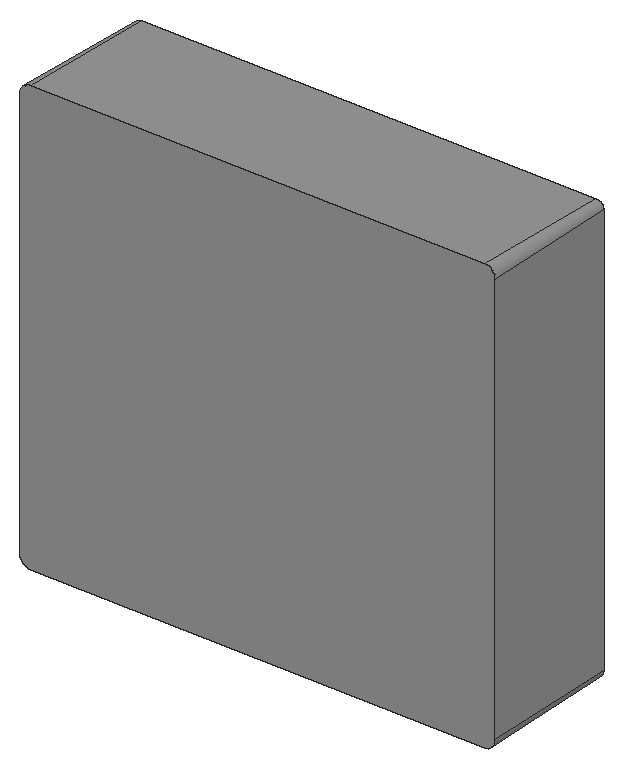
Revit family "L&L_LUCE&LIGHT_PASITO_1.2", category Lighting Fixtures, host Wall, Revit 2018 (continued)
Types (2, lengths in mm): name | Photometric Web File | built-in parameter 1150142
    .27 110.03 111.68 113.35 115.11 \r\n116.41 117.16 118.12 119.49 120.94 122.13 122.89 123.44 \r\n123.95 124.62 125.61 127.01 128.50 129.65 130.58 131.54 \r\n132.55 133.58 134.71 135.72 136.32 136.69 137.19 137.81 \r\n138.39 138.98 140.13 141.78 142.30 139.51 131.53 118.24 \r\n101.34 82.63 64.03 47.27 34.35 25.90 21.42 20.62 20.36 \r\n20.12 20.07 20.05 20.03 20.01 20.00 20.00 20.00 20.00 \r\n19.99 19.99 19.98 19.98 19.98 19.98 20.00 20.02 20.05 \r\n20.08 20.10 20.11 20.11 20.09 20.06 20.03 20.00 19.98 \r\n19.99 19.99 19.93 19.78 19.57 19.35 19.12 18.89 18.64 \r\n18.40 18.16 17.90 17.62 17.32 17.02 16.74 16.45 16.13 \r\n15.78 15.41 15.09 14.74 14.36 14.00 13.65 13.28 12.90 \r\n12.48 12.11 11.74 11.33 10.92 10.51 10.12 9.70 9.23 8.85 \r\n8.45 8.04 7.60 7.17 6.78 6.42 6.05 5.65 5.25 4.90 4.56 \r\n4.19 3.83 3.52 3.21 2.93 2.66 2.40 2.14 1.89 1.66 1.44 \r\n1.20 0.98 0.79 0.60 0.42 0.24 0.10 0.02 \r\n0.14 0.14 0.52 1.33 2.11 2.45 2.62 2.93 3.43 3.93 4.53 \r\n5.22 6.00 6.88 7.85 9.10 17.82 44.20 63.77 68.19 71.80 \r\n75.07 78.01 79.40 79.84 80.08 80.36 81.84 84.73 87.56 \r\n90.60 93.62 96.18 98.48 100.36 101.89 102.94 103.25 \r\n102.93 102.77 103.75 105.00 106.19 107.42 108.50 109.24 \r\n109.96 110.68 111.41 112.23 112.98 113.69 114.54 115.37 \r\n116.14 117.07 118.11 119.10 120.01 120.81 121.39 121.86 \r\n122.38 122.94 123.38 123.66 123.95 124.37 124.95 125.54 \r\n126.01 126.47 127.07 127.04 124.61 117.95 107.08 93.31 \r\n78.16 62.32 46.84 33.54 24.35 21.57 20.69 19.99 20.02 \r\n19.97 19.95 19.95 19.96 19.97 19.98 20.00 20.01 20.03 \r\n20.05 20.06 20.07 20.08 20.10 20.14 20.18 20.22 20.26 \r\n20.29 20.31 20.31 20.29 20.27 20.26 20.25 20.24 20.22 \r\n20.21 20.21 20.22 20.18 20.02 19.81 19.59 19.37 19.13 \r\n18.89 18.62 18.38 18.13 17.84 17.55 17.24 16.93 16.65 \r\n16.32 15.98 15.63 15.23 14.92 14.52 14.14 13.78 13.40 \r\n13.05 12.60 12.20 11.83 11.42 11.01 10.63 10.18 9.74 9.32 \r\n8.89 8.42 8.04 7.62 7.17 6.73 6.33 5.97 5.58 5.18 4.83 \r\n4.50 4.12 3.75 3.43 3.12 2.83 2.56 2.28 2.00 1.75 1.51 \r\n1.26 1.03 0.83 0.63 0.44 0.25 0.10 0.02 \r\n0.14 0.14 0.57 1.42 2.18 2.50 2.67 3.06 3.58 4.12 4.79 \r\n5.53 6.37 7.33 8.54 12.90 35.57 60.16 65.98 69.25 72.06 \r\n74.67 75.83 75.91 75.99 75.83 77.19 80.05 82.80 85.76 \r\n88.56 91.09 93.33 94.79 96.37 97.56 97.71 97.53 97.86 \r\n99.07 100.39 101.54 102.43 103.01 103.52 103.98 104.40 \r\n104.82 105.20 105.38 105.46 105.94 106.69 107.59 108.59 \r\n109.56 110.36 111.11 111.90 112.53 113.08 113.66 114.07 \r\n114.31 114.71 115.28 115.78 116.02 116.18 116.61 116.91 \r\n116.85 116.70 115.25 111.63 102.43 90.03 76.51 62.39 \r\n48.13 34.93 25.11 21.66 20.43 19.83 19.77 19.71 19.73 \r\n19.77 19.80 19.82 19.85 19.88 19.91 19.94 19.97 20.01 \r\n20.04 20.06 20.09 20.13 20.18 20.23 20.27 20.30 20.30 \r\n20.31 20.32 20.33 20.34 20.34 20.35 20.35 20.34 20.32 \r\n20.31 20.31 20.32 20.28 20.11 19.88 19.66 19.45 19.22 \r\n18.98 18.73 18.43 18.17 17.88 17.58 17.31 16.96 16.67 \r\n16.35 15.97 15.65 15.26 14.91 14.52 14.12 13.79 13.37 \r\n13.00 12.59 12.19 11.76 11.37 10.97 10.51 10.12 9.67 9.18 \r\n8.79 8.35 7.89 7.46 7.07 6.64 6.20 5.83 5.45 5.06 4.72 \r\n4.37 3.98 3.61 3.28 2.97 2.68 2.39 2.10 1.82 1.57 1.32 \r\n1.07 0.86 0.66 0.47 0.27 0.11 0.02 \r\n0.14 0.14 0.60 1.50 2.24 2.52 2.72 3.17 3.69 4.28 4.99 \r\n5.79 6.67 7.81 9.60 20.34 52.87 63.70 67.21 69.84 72.30 \r\n73.70 73.55 73.27 72.65 73.14 75.57 77.94 80.48 82.94 \r\n85.22 87.30 88.31 89.82 90.91 90.99 90.61 90.82 92.00 \r\n93.29 94.50 95.50 96.14 96.66 97.22 97.78 98.15 98.48 \r\n98.55 98.38 98.58 99.03 99.65 100.36 101.16 101.92 102.67 \r\n103.41 103.92 104.39 104.69 104.65 104.56 104.89 105.38 \r\n105.93 106.27 106.34 106.50 106.92 106.96 106.93 106.88 \r\n105.34 99.48 89.13 77.25 64.88 51.52 38.69 28.09 21.67 \r\n20.06 19.46 19.40 19.39 19.42 19.46 19.51 19.55 19.60 \r\n19.65 19.69 19.73 19.77 19.81 19.85 19.88 19.92 19.97 \r\n20.03 20.08 20.11 20.13 20.16 20.18 20.21 20.23 20.26 \r\n20.28 20.29 20.30 20.30 20.31 20.30 20.29 20.29 20.29 \r\n20.30 20.24 20.04 19.79 19.58 19.37 19.12 18.90 18.65 \r\n18.35 18.09 17.78 17.45 17.20 16.84 16.54 16.22 15.82 \r\n15.53 15.14 14.73 14.40 13.96 13.62 13.19 12.83 12.38 \r\n11.97 11.60 11.14 10.76 10.33 9.86 9.51 8.99 8.57 8.20 \r\n7.71 7.26 6.91 6.49 6.05 5.66 5.26 4.88 4.55 4.16 3.77 \r\n3.40 3.07 2.76 2.47 2.17 1.87 1.61 1.36 1.10 0.89 0.68 \r\n0.48 0.28 0.11 0.02 \r\n0.14 0.14 0.62 1.55 2.29 2.53 2.76 3.25 3.78 4.42 5.14 \r\n5.99 6.88 8.25 11.26 31.71 58.17 64.40 67.47 69.83 71.89 \r\n72.23 71.64 71.07 70.48 72.04 74.27 76.42 78.56 80.51 \r\n82.21 82.95 83.77 84.89 84.91 84.07 83.83 84.36 85.13 \r\n86.09 86.89 87.36 87.70 88.08 88.54 88.89 89.08 89.04 \r\n88.81 88.85 89.14 89.63 90.26 90.93 91.51 92.15 92.80 \r\n93.28 93.66 93.74 93.54 93.66 94.15 94.49 94.94 95.48 \r\n95.51 95.68 96.04 96.41 96.79 96.86 96.78 94.78 87.72 \r\n77.83 67.43 55.98 44.23 33.02 23.93 20.13 19.36 19.01 \r\n18.99 19.02 19.07 19.12 19.18 19.23 19.29 19.34 19.39 \r\n19.43 19.47 19.52 19.57 19.62 19.68 19.73 19.78 19.81 \r\n19.84 19.88 19.92 19.95 19.99 20.02 20.05 20.07 20.09 \r\n20.11 20.13 20.13 20.13 20.12 20.13 20.13 20.14 20.14 \r\n20.03 19.80 19.55 19.36 19.13 18.86 18.65 18.38 18.07 \r\n17.82 17.49 17.19 16.92 16.55 16.27 15.92 15.54 15.25 \r\n14.80 14.46 14.06 13.66 13.30 12.87 12.52 12.08 11.70 \r\n11.32 10.92 10.48 10.14 9.62 9.31 8.76 8.36 8.00 7.48 \r\n7.05 6.69 6.25 5.83 5.41 5.00 4.65 4.27 3.86 3.49 3.14 \r\n2.82 2.52 2.22 1.91 1.64 1.39 1.12 0.91 0.69 0.50 0.29 \r\n0.11 0.02 \r\n0.14 0.14 0.63 1.58 2.32 2.53 2.78 3.31 3.84 4.50 5.23 \r\n6.13 7.07 8.44 12.63 38.02 58.53 64.11 66.58 68.99 70.59 \r\n70.45 69.85 69.05 69.06 70.89 73.06 75.04 76.95 78.51 \r\n79.35 79.68 80.29 80.73 79.86 78.70 78.38 78.46 78.82 \r\n79.27 79.42 79.32 79.24 79.24 79.31 79.21 79.06 78.60 \r\n78.14 77.99 78.14 78.35 78.66 79.02 79.25 79.56 79.80 \r\n80.06 80.29 80.40 80.58 80.91 81.30 81.64 82.11 82.67 \r\n83.12 83.68 84.13 84.51 84.72 84.68 84.37 82.18 75.36 \r\n66.37 57.43 47.48 37.21 28.33 21.34 19.11 18.57 18.47 \r\n18.49 18.54 18.59 18.65 18.71 18.77 18.83 18.89 18.94 \r\n18.99 19.04 19.10 19.17 19.23 19.30 19.34 19.37 19.41 \r\n19.46 19.51 19.55 19.59 19.63 19.67 19.70 19.73 19.76 \r\n19.78 19.80 19.81 19.82 19.82 19.83 19.83 19.84 19.86 \r\n19.82 19.62 19.38 19.17 18.98 18.73 18.49 18.27 17.99 \r\n17.73 17.47 17.10 16.86 16.53 16.21 15.93 15.52 15.24 \r\n14.88 14.48 14.18 13.75 13.42 13.00 12.66 12.26 11.84 \r\n11.46 11.09 10.66 10.27 9.85 9.39 8.99 8.49 8.10 7.66 \r\n7.16 6.76 6.36 5.93 5.50 5.07 4.69 4.32 3.90 3.53 3.19 \r\n2.86 2.54 2.25 1.93 1.66 1.41 1.14 0.92 0.70 0.51 0.30 \r\n0.11 0.02 \r\n0.14 0.14 0.63 1.59 2.35 2.53 2.79 3.33 3.86 4.53 5.26 \r\n6.18 7.15 8.47 12.07 39.14 57.94 62.84 64.97 67.41 68.81 \r\n68.58 67.98 67.22 67.37 69.32 71.35 73.28 74.96 76.46 \r\n77.22 77.40 77.87 77.74 76.50 75.24 74.75 74.53 74.60 \r\n74.75 74.46 73.94 73.47 73.08 72.60 72.01 71.31 70.35 \r\n69.48 68.88 68.53 68.32 68.15 67.94 67.76 67.62 67.47 \r\n67.40 67.25 67.14 67.19 67.32 67.52 67.80 68.09 68.43 \r\n68.83 69.30 69.82 70.39 71.01 71.37 71.54 69.92 64.00 \r\n56.80 49.29 41.06 32.70 25.91 20.44 18.64 18.23 18.15 \r\n18.18 18.22 18.27 18.32 18.38 18.45 18.51 18.59 18.66 \r\n18.72 18.79 18.86 18.94 19.01 19.08 19.12 19.15 19.20 \r\n19.26 19.31 19.36 19.41 19.46 19.51 19.55 19.59 19.63 \r\n19.67 19.69 19.72 19.73 19.73 19.75 19.76 19.77 19.80 \r\n19.79 19.66 19.42 19.20 19.02 18.78 18.52 18.32 18.06 \r\n17.78 17.54 17.20 16.93 16.66 16.29 16.04 15.67 15.32 \r\n15.04 14.60 14.28 13.88 13.51 13.14 12.73 12.38 11.91 \r\n11.57 11.13 10.76 10.31 9.91 9.46 8.99 8.57 8.10 7.68 \r\n7.21 6.77 6.37 5.96 5.54 5.10 4.70 4.33 3.91 3.54 3.21 \r\n2.87 2.55 2.27 1.95 1.67 1.42 1.14 0.93 0.70 0.51 0.30 \r\n0.12 0.02 \r\n0.14 0.13 0.62 1.58 2.35 2.53 2.78 3.32 3.84 4.51 5.23 \r\n6.17 7.10 8.41 10.37 35.75 56.44 60.94 62.89 65.33 66.85 \r\n66.79 66.16 65.49 65.33 67.22 69.19 71.08 72.51 74.14 \r\n75.03 75.04 75.59 75.72 74.73 73.34 72.86 72.52 72.37 \r\n72.53 72.15 71.47 70.92 70.58 70.03 69.29 68.37 67.39 \r\n66.39 65.70 65.00 64.60 64.30 63.93 63.47 63.22 62.93 \r\n62.68 62.34 62.01 61.94 61.93 61.89 61.96 62.21 62.62 \r\n63.05 63.65 64.14 64.42 64.94 65.63 65.98 65.71 60.56 \r\n53.84 47.78 40.55 34.00 26.90 21.57 19.01 18.44 18.31 \r\n18.32 18.37 18.42 18.47 18.53 18.60 18.54 18.77 18.83 \r\n18.89 18.95 19.01 19.09 19.17 19.22 19.25 19.28 19.34 \r\n19.39 19.45 19.50 19.55 19.60 19.65 19.69 19.73 19.77 \r\n19.81 19.83 19.86 19.87 19.87 19.89 19.90 19.92 19.94 \r\n19.94 19.75 19.53 19.30 19.12 18.84 18.63 18.42 18.09 \r\n17.87 17.62 17.23 17.01 16.68 16.34 16.08 15.64 15.37 \r\n15.04 14.59 14.34 13.85 13.55 13.11 12.75 12.34 11.90 \r\n11.59 11.14 10.74 10.33 9.86 9.49 8.94 8.58 8.10 7.66 \r\n7.22 6.78 6.35 5.96 5.55 5.10 4.70 4.33 3.90 3.53 3.21 \r\n2.88 2.55 2.27 1.95 1.67 1.42 1.14 0.93 0.71 0.51 0.30 \r\n0.12 0.02 \r\n0.14 0.14 0.63 1.59 2.35 2.53 2.79 3.33 3.86 4.53 5.26 \r\n6.18 7.15 8.47 12.07 39.14 57.94 62.84 64.97 67.41 68.81 \r\n68.58 67.98 67.22 67.37 69.32 71.35 73.28 74.96 76.46 \r\n77.22 77.40 77.87 77.74 76.50 75.24 74.75 74.53 74.60 \r\n74.75 74.46 73.94 73.47 73.08 72.60 72.01 71.31 70.35 \r\n69.48 68.88 68.53 68.32 68.15 67.94 67.76 67.62 67.47 \r\n67.40 67.25 67.14 67.19 67.32 67.52 67.80 68.09 68.43 \r\n68.83 69.30 69.82 70.39 71.01 71.37 71.54 69.92 64.00 \r\n56.80 49.29 41.06 32.70 25.91 20.44 18.64 18.23 18.15 \r\n18.18 18.22 18.27 18.32 18.38 18.45 18.51 18.59 18.66 \r\n18.72 18.79 18.86 18.94 19.01 19.08 19.12 19.15 19.20 \r\n19.26 19.31 19.36 19.41 19.46 19.51 19.55 19.59 19.63 \r\n19.67 19.69 19.72 19.73 19.73 19.75 19.76 19.77 19.80 \r\n19.79 19.66 19.42 19.20 19.02 18.78 18.52 18.32 18.06 \r\n17.78 17.54 17.20 16.93 16.66 16.29 16.04 15.67 15.32 \r\n15.04 14.60 14.28 13.88 13.51 13.14 12.73 12.38 11.91 \r\n11.57 11.13 10.76 10.31 9.91 9.46 8.99 8.57 8.10 7.68 \r\n7.21 6.77 6.37 5.96 5.54 5.10 4.70 4.33 3.91 3.54 3.21 \r\n2.87 2.55 2.27 1.95 1.67 1.42 1.14 0.93 0.70 0.51 0.30 \r\n0.12 0.02 \r\n0.14 0.14 0.63 1.58 2.32 2.53 2.78 3.31 3.84 4.50 5.23 \r\n6.13 7.07 8.44 12.63 38.02 58.53 64.11 66.58 68.99 70.59 \r\n70.45 69.85 69.05 69.06 70.89 73.06 75.04 76.95 78.51 \r\n79.35 79.68 80.29 80.73 79.86 78.70 78.38 78.46 78.82 \r\n79.27 79.42 79.32 79.24 79.24 79.31 79.21 79.06 78.60 \r\n78.14 77.99 78.14 78.35 78.66 79.02 79.25 79.56 79.80 \r\n80.06 80.29 80.40 80.58 80.91 81.30 81.64 82.11 82.67 \r\n83.12 83.68 84.13 84.51 84.72 84.68 84.37 82.18 75.36 \r\n66.37 57.43 47.48 37.21 28.33 21.34 19.11 18.57 18.47 \r\n18.49 18.54 18.59 18.65 18.71 18.77 18.83 18.89 18.94 \r\n18.99 19.04 19.10 19.17 19.23 19.30 19.34 19.37 19.41 \r\n19.46 19.51 19.55 19.59 19.63 19.67 19.70 19.73 19.76 \r\n19.78 19.80 19.81 19.82 19.82 19.83 19.83 19.84 19.86 \r\n19.82 19.62 19.38 19.17 18.98 18.73 18.49 18.27 17.99 \r\n17.73 17.47 17.10 16.86 16.53 16.21 15.93 15.52 15.24 \r\n14.88 14.48 14.18 13.75 13.42 13.00 12.66 12.26 11.84 \r\n11.46 11.09 10.66 10.27 9.85 9.39 8.99 8.49 8.10 7.66 \r\n7.16 6.76 6.36 5.93 5.50 5.07 4.69 4.32 3.90 3.53 3.19 \r\n2.86 2.54 2.25 1.93 1.66 1.41 1.14 0.92 0.70 0.51 0.30 \r\n0.11 0.02 \r\n0.14 0.14 0.62 1.55 2.29 2.53 2.76 3.25 3.78 4.42 5.14 \r\n5.99 6.88 8.25 11.26 31.71 58.17 64.40 67.47 69.83 71.89 \r\n72.23 71.64 71.07 70.48 72.04 74.27 76.42 78.56 80.51 \r\n82.21 82.95 83.77 84.89 84.91 84.07 83.83 84.36 85.13 \r\n86.09 86.89 87.36 87.70 88.08 88.54 88.89 89.08 89.04 \r\n88.81 88.85 89.14 89.63 90.26 90.93 91.51 92.15 92.80 \r\n93.28 93.66 93.74 93.54 93.66 94.15 94.49 94.94 95.48 \r\n95.51 95.68 96.04 96.41 96.79 96.86 96.78 94.78 87.72 \r\n77.83 67.43 55.98 44.23 33.02 23.93 20.13 19.36 19.01 \r\n18.99 19.02 19.07 19.12 19.18 19.23 19.29 19.34 19.39 \r\n19.43 19.47 19.52 19.57 19.62 19.68 19.73 19.78 19.81 \r\n19.84 19.88 19.92 19.95 19.99 20.02 20.05 20.07 20.09 \r\n20.11 20.13 20.13 20.13 20.12 20.13 20.13 20.14 20.14 \r\n20.03 19.80 19.55 19.36 19.13 18.86 18.65 18.38 18.07 \r\n17.82 17.49 17.19 16.92 16.55 16.27 15.92 15.54 15.25 \r\n14.80 14.46 14.06 13.66 13.30 12.87 12.52 12.08 11.70 \r\n11.32 10.92 10.48 10.14 9.62 9.31 8.76 8.36 8.00 7.48 \r\n7.05 6.69 6.25 5.83 5.41 5.00 4.65 4.27 3.86 3.49 3.14 \r\n2.82 2.52 2.22 1.91 1.64 1.39 1.12 0.91 0.69 0.50 0.29 \r\n0.11 0.02 \r\n0.14 0.14 0.60 1.50 2.24 2.52 2.72 3.17 3.69 4.28 4.99 \r\n5.79 6.67 7.81 9.60 20.34 52.87 63.70 67.21 69.84 72.30 \r\n73.70 73.55 73.27 72.65 73.14 75.57 77.94 80.48 82.94 \r\n85.22 87.30 88.31 89.82 90.91 90.99 90.61 90.82 92.00 \r\n93.29 94.50 95.50 96.14 96.66 97.22 97.78 98.15 98.48 \r\n98.55 98.38 98.58 99.03 99.65 100.36 101.16 101.92 102.67 \r\n103.41 103.92 104.39 104.69 104.65 104.56 104.89 105.38 \r\n105.93 106.27 106.34 106.50 106.92 106.96 106.93 106.88 \r\n105.34 99.48 89.13 77.25 64.88 51.52 38.69 28.09 21.67 \r\n20.06 19.46 19.40 19.39 19.42 19.46 19.51 19.55 19.60 \r\n19.65 19.69 19.73 19.77 19.81 19.85 19.88 19.92 19.97 \r\n20.03 20.08 20.11 20.13 20.16 20.18 20.21 20.23 20.26 \r\n20.28 20.29 20.30 20.30 20.31 20.30 20.29 20.29 20.29 \r\n20.30 20.24 20.04 19.79 19.58 19.37 19.12 18.90 18.65 \r\n18.35 18.09 17.78 17.45 17.20 16.84 16.54 16.22 15.82 \r\n15.53 15.14 14.73 14.40 13.96 13.62 13.19 12.83 12.38 \r\n11.97 11.60 11.14 10.76 10.33 9.86 9.51 8.99 8.57 8.20 \r\n7.71 7.26 6.91 6.49 6.05 5.66 5.26 4.88 4.55 4.16 3.77 \r\n3.40 3.07 2.76 2.47 2.17 1.87 1.61 1.36 1.10 0.89 0.68 \r\n0.48 0.28 0.11 0.02 \r\n0.14 0.14 0.57 1.42 2.18 2.50 2.67 3.06 3.58 4.12 4.79 \r\n5.53 6.37 7.33 8.54 12.90 35.57 60.16 65.98 69.25 72.06 \r\n74.67 75.83 75.91 75.99 75.83 77.19 80.05 82.80 85.76 \r\n88.56 91.09 93.33 94.79 96.37 97.56 97.71 97.53 97.86 \r\n99.07 100.39 101.54 102.43 103.01 103.52 103.98 104.40 \r\n104.82 105.20 105.38 105.46 105.94 106.69 107.59 108.59 \r\n109.56 110.36 111.11 111.90 112.53 113.08 113.66 114.07 \r\n114.31 114.71 115.28 115.78 116.02 116.18 116.61 116.91 \r\n116.85 116.70 115.25 111.63 102.43 90.03 76.51 62.39 \r\n48.13 34.93 25.11 21.66 20.43 19.83 19.77 19.71 19.73 \r\n19.77 19.80 19.82 19.85 19.88 19.91 19.94 19.97 20.01 \r\n20.04 20.06 20.09 20.13 20.18 20.23 20.27 20.30 20.30 \r\n20.31 20.32 20.33 20.34 20.34 20.35 20.35 20.34 20.32 \r\n20.31 20.31 20.32 20.28 20.11 19.88 19.66 19.45 19.22 \r\n18.98 18.73 18.43 18.17 17.88 17.58 17.31 16.96 16.67 \r\n16.35 15.97 15.65 15.26 14.91 14.52 14.12 13.79 13.37 \r\n13.00 12.59 12.19 11.76 11.37 10.97 10.51 10.12 9.67 9.18 \r\n8.79 8.35 7.89 7.46 7.07 6.64 6.20 5.83 5.45 5.06 4.72 \r\n4.37 3.98 3.61 3.28 2.97 2.68 2.39 2.10 1.82 1.57 1.32 \r\n1.07 0.86 0.66 0.47 0.27 0.11 0.02 \r\n0.14 0.14 0.52 1.33 2.11 2.45 2.62 2.93 3.43 3.93 4.53 \r\n5.22 6.00 6.88 7.85 9.10 17.82 44.20 63.77 68.19 71.80 \r\n75.07 78.01 79.40 79.84 80.08 80.36 81.84 84.73 87.56 \r\n90.60 93.62 96.18 98.48 100.36 101.89 102.94 103.25 \r\n102.93 102.77 103.75 105.00 106.19 107.42 108.50 109.24 \r\n109.96 110.68 111.41 112.23 112.98 113.69 114.54 115.37 \r\n116.14 117.07 118.11 119.10 120.01 120.81 121.39 121.86 \r\n122.38 122.94 123.38 123.66 123.95 124.37 124.95 125.54 \r\n126.01 126.47 127.07 127.04 124.61 117.95 107.08 93.31 \r\n78.16 62.32 46.84 33.54 24.35 21.57 20.69 19.99 20.02 \r\n19.97 19.95 19.95 19.96 19.97 19.98 20.00 20.01 20.03 \r\n20.05 20.06 20.07 20.08 20.10 20.14 20.18 20.22 20.26 \r\n20.29 20.31 20.31 20.29 20.27 20.26 20.25 20.24 20.22 \r\n20.21 20.21 20.22 20.18 20.02 19.81 19.59 19.37 19.13 \r\n18.89 18.62 18.38 18.13 17.84 17.55 17.24 16.93 16.65 \r\n16.32 15.98 15.63 15.23 14.92 14.52 14.14 13.78 13.40 \r\n13.05 12.60 12.20 11.83 11.42 11.01 10.63 10.18 9.74 9.32 \r\n8.89 8.42 8.04 7.62 7.17 6.73 6.33 5.97 5.58 5.18 4.83 \r\n4.50 4.12 3.75 3.43 3.12 2.83 2.56 2.28 2.00 1.75 1.51 \r\n1.26 1.03 0.83 0.63 0.44 0.25 0.10 0.02 \r\n0.14 0.14 0.47 1.22 1.99 2.41 2.57 2.82 3.24 3.73 4.25 \r\n4.87 5.58 6.37 7.29 8.23 9.87 21.21 47.44 66.29 71.26 \r\n75.44 78.91 81.97 83.73 84.14 84.41 84.55 85.59 88.07 \r\n91.04 93.62 96.68 99.50 101.74 103.70 105.10 106.26 \r\n107.11 107.44 107.40 108.27 110.03 111.68 113.35 115.11 \r\n116.41 117.16 118.12 119.49 120.94 122.13 122.89 123.44 \r\n123.95 124.62 125.61 127.01 128.50 129.65 130.58 131.54 \r\n132.55 133.58 134.71 135.72 136.32 136.69 137.19 137.81 \r\n138.39 138.98 140.13 141.78 142.30 139.51 131.53 118.24 \r\n101.34 82.63 64.03 47.27 34.35 25.90 21.42 20.62 20.36 \r\n20.12 20.07 20.05 20.03 20.01 20.00 20.00 20.00 20.00 \r\n19.99 19.99 19.98 19.98 19.98 19.98 20.00 20.02 20.05 \r\n20.08 20.10 20.11 20.11 20.09 20.06 20.03 20.00 19.98 \r\n19.99 19.99 19.93 19.78 19.57 19.35 19.12 18.89 18.64 \r\n18.40 18.16 17.90 17.62 17.32 17.02 16.74 16.45 16.13 \r\n15.78 15.41 15.09 14.74 14
